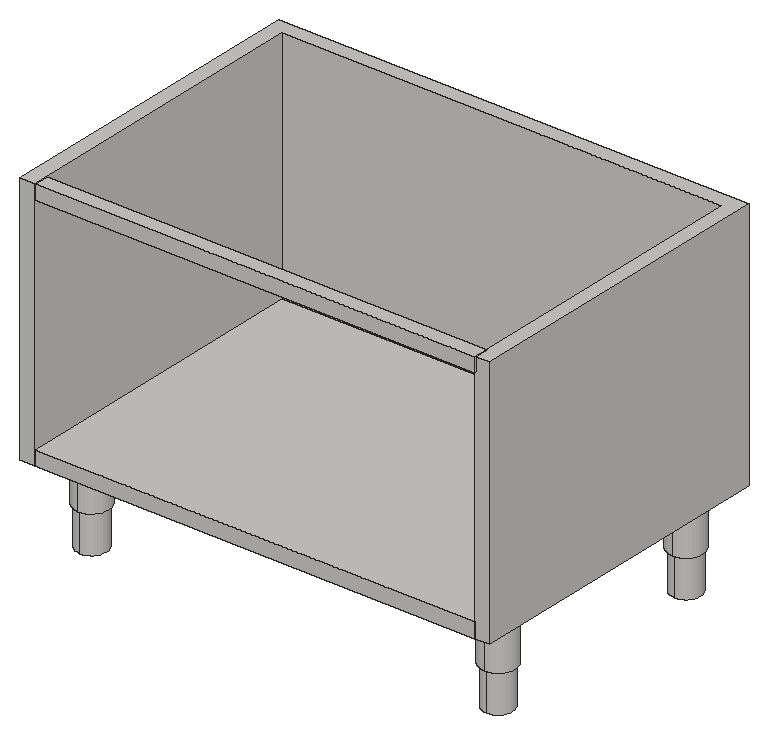
Revit family "QF_GIORIK_SUL0180", category Specialty Equipment, Revit 2014
Parameters (values of type "SUL0180")
  Weight in Pounds = 41.8878
  URL Cutsheet = "www.giorik.com"
  URL = "www.giorik.com"
  Status [instance] = ""
  Specification by User [instance] = ""
  Specification by Manufacturer = ""
  Show Logo [instance] = yes
  Show Clearance [instance] = yes
  Serial Number = ""
  Seismic Rating = ""
  SMACNA No = ""
  Revision Code [instance] = ""
  NAFEM Spec ID Number = ""
  Model = "SUL0180"
  Masterspec = ""
  Manufacturer = "GIORIK"
  Item Number [instance] = ""
  Installed By [instance] = ""
  Identify Quantity as Lot [instance] = no
  Furnished By [instance] = ""
  Foodservice Equipment Identifier [instance] = yes
  Description = "STAND OPEN WITH SHELF L=800"
  CSI MasterFormat = ""
  Assembly Code = "E1090320"
Reference planes
  plane 1 "Back": y = 0
  plane 2: z = 0
  plane 3 "Left": x = 0
  plane 4 "Right": x = 800
  plane 5 "Front": y = -600
  plane 6 "Top": z = 580
Forms (mm)
  Extrusion 1, solid
    sketch origin (-16, 1016.81, 0) x (1, 0, 0) y (0, 1, 0)
      loop
        line (25, -1086.81) -> (25, -1156.81) -> (115, -1156.81) -> (115, -1086.81) -> (25, -1086.81)
    from 148 to 150
  Extrusion 2, solid
    sketch origin (816, 1016.81, 0) x (-1, 0, 0) y (0, -1, 0)
      loop
        line (25, 1086.81) -> (115, 1086.81) -> (115, 1156.81) -> (25, 1156.81) -> (25, 1086.81)
    from 148 to 150
  Extrusion 3, solid
    sketch origin (0, -40, 599.536) x (1, 0, 0) y (0, 1, 0)
      loop
        line (0, -550) -> (25, -550) -> (25, -25) -> (775, -25) -> (775, -550) -> (800, -550) -> (800, 0) -> (0, 0) -> (0, -550)
    from -449.536 to -19.536
  Extrusion 4, solid
    sketch origin (0, -40, 0) x (1, 0, 0) y (0, 1, 0)
      loop
        line (25, -25) -> (25, -550) -> (775, -550) -> (775, -25) -> (25, -25)
    from 150 to 175
  Extrusion 5, solid
    sketch origin (-16, 616.81, 0) x (1, 0, 0) y (0, 1, 0)
      loop
        line (25, -1086.81) -> (25, -1156.81) -> (115, -1156.81) -> (115, -1086.81) -> (25, -1086.81)
    from 148 to 150
  Revolve 6, solid
    sketch origin (54, 616.81, 0) x (0, 1, 0) y (0, 0, 1)
      loop
        line (-1092.56, 66) -> (-1092.56, 148) -> (-1121.81, 148) -> (-1121.81, 0) -> (-1096.81, 0) -> (-1096.81, 66) -> (-1092.56, 66)
      axis (-1121.81, 0) -> (-1121.81, 148)
    angle from 0 to 360
  Extrusion 7, solid
    sketch origin (816, 616.81, 0) x (-1, 0, 0) y (0, -1, 0)
      loop
        line (25, 1086.81) -> (115, 1086.81) -> (115, 1156.81) -> (25, 1156.81) -> (25, 1086.81)
    from 148 to 150
  Revolve 8, solid
    sketch origin (746, 616.81, 0) x (0, 1, 0) y (0, 0, 1)
      loop
        line (-1092.56, 66) -> (-1092.56, 148) -> (-1121.81, 148) -> (-1121.81, 0) -> (-1096.81, 0) -> (-1096.81, 66) -> (-1092.56, 66)
      axis (-1121.81, 0) -> (-1121.81, 148)
    angle from 0 to 360
  Revolve 9, solid
    sketch origin (746, 1016.81, 0) x (0, 1, 0) y (0, 0, 1)
      loop
        line (-1092.56, 66) -> (-1092.56, 148) -> (-1121.81, 148) -> (-1121.81, 0) -> (-1096.81, 0) -> (-1096.81, 66) -> (-1092.56, 66)
      axis (-1121.81, 0) -> (-1121.81, 148)
    angle from 0 to 360
  Revolve 10, solid
    sketch origin (54, 1016.81, 0) x (0, 1, 0) y (0, 0, 1)
      loop
        line (-1092.56, 66) -> (-1092.56, 148) -> (-1121.81, 148) -> (-1121.81, 0) -> (-1096.81, 0) -> (-1096.81, 66) -> (-1092.56, 66)
      axis (-1121.81, 0) -> (-1121.81, 148)
    angle from 0 to 360
  Extrusion 11, solid
    sketch origin (0, 110, 580) x (0, 1, 0) y (-1, 0, 0)
      loop
        line (-700, -25) -> (-700, -775) -> (-675, -775) -> (-675, -25) -> (-700, -25)
    from -25 to 0
Lines and regions (mm)
  symbolic lines, style "200-EquipHidden-2D", visible <- "Show Clearance", detail levels coarse
    curve 1: line (0, -40, 580) -> (800, -40, 580)
    curve 2: line (0, -590, 580) -> (0, -40, 580)
    curve 3: line (800, -590, 580) -> (0, -590, 580)
    curve 4: line (800, -40, 580) -> (800, -590, 580)
Dimensions and locks
  plane 3 "Left" to plane 4 "Right" = 800 mm
  plane 5 "Front" to plane 1 "Back" = 600 mm
  plane 4 "Right" to plane 3 "Left" = 800 mm
  plane 1 "Back" to plane 5 "Front" = 600 mm
  plane 6 "Top" to level = 580 mm  (x2)
  aligned and locked: level to plane 2
